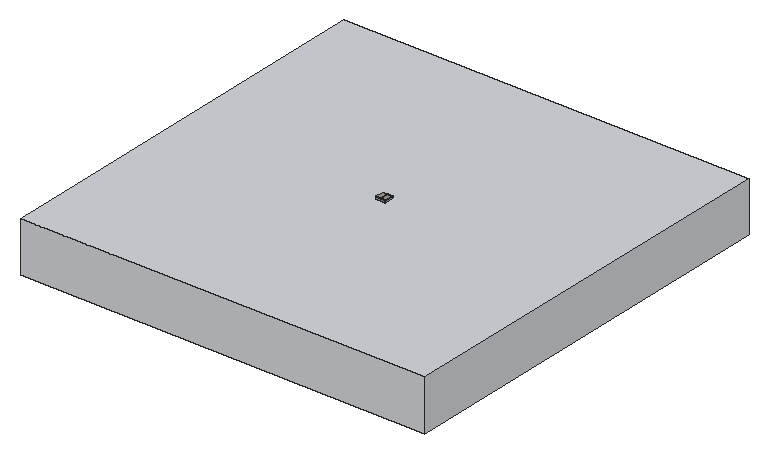
Revit family "2CKA001713A0202", category Elektroinstallationen, Revit 2017
Family settings
  Basisbauteil = Fläche
  Beschriftungsausrichtung beibehalten = Ja
  Bemaßung runder Anschluss = Durchmesser verwenden
  Teiletyp = Normal
  Beim Laden mit Abzugskörper schneiden = Nein
  Gemeinsam genutzt = Nein
  Raumberechnungspunkt = Nein
Parameters
  White = Whitte
  Werkstoffgüte = "Thermoplast"
  Werkstoff = "Kunststoff"
  Default Elevation = 1219.2 mm
  Verwendung = "Jalousie"
  Typname = "Wippe, alpinweiß, Busch-balance SI, Bedienelemente für Jalousiesteuerung/Zeitschaltuhren"
  TYPE = "2504-914"
  RAL-Nummer (ähnlich) = 9010
  Produktseite = "https://media.live.bim.site/t/eyJhbGciOiJIUzI1NiIsInR5cCI6IkpXVCJ9.eyJjdCI6MiwidHUiOiJodHRwOi8vYnVzY2gtamFlZ2VyLWthdGFsb2cuZGUvMTcxMy0wLTAyMDIsYXJ0aWtlbC5odG1sIiwiY2lkIjoiZmVkOThlOWEtMWJkOC00YzY4LWE3M2ItNzRhOTRlMzE1ODIzIiwicmlkIjoiNjE1MzllZjNhMDZjOTVlZmNkZGIxNzdiNWM1NGJkNDgiLCJwaWQiOiIwOTE5NTg4NzZiZDY0MTI4YTUxZWI3YjhlZWMzMWFiMTdlNTg3NzU3Iiwic2lkIjoiNjM3MzIiLCJ1dCI6MSwibGMiOiJkZSIsImlhdCI6MTU3MjkyODYwMCwiaXNzIjoiaHR0cHM6Ly9hcGkubGl2ZS5iaW0uc2l0ZSIsInN1YiI6ImY1ODZjNGI2LWE1MDgtNDI3YS05ODE4LTEzMTc5NjY1NzZiYyJ9.YNq-N_08Jc-YCGUAVSiToQN1fBavle_brpJYoJVSX3Q"
  Oberfläche = "unbehandelt"
  Ist Zubehör = no
  Ist System = no
  Hersteller = "Busch-Jaeger Elektro GmbH"
  HeinzeBIM = "https://www.heinze.de/bim/wippe-alpinweiss-busch-balance-si-bedienelemente-fuer-jalousiesteuerung-zeitschaltuhren/091958876bd64128a51eb7b8eec31ab17e587757"
  Halogenfrei = yes
  HAN = "2CKA001713A0202"
  Gerätetiefe [mm] = 11
  Gerätehöhe [mm] = 55
  Gerätebreite [mm] = 55
  Geeignet für Schutzart (IP) = "IP20"
  GTIN = "4011395190463"
  Farbe = "weiß"
  Datenblatt = "https://media.live.bim.site/t/eyJhbGciOiJIUzI1NiIsInR5cCI6IkpXVCJ9.eyJjdCI6MSwidGYiOiJwdWJsaWMvYnVzY2gtamFlZ2VyLWVsZWt0cm8tZ21iaC81YWUxZmQ1LzJDS0EwMDE3MTNBMDIwMl9ST0hTXzIwMTlfMTBfMDcucGRmIiwiY2lkIjoiZmVkOThlOWEtMWJkOC00YzY4LWE3M2ItNzRhOTRlMzE1ODIzIiwicmlkIjoiNjE1MzllZjNhMDZjOTVlZmNkZGIxNzdiNWM1NGJkNDgiLCJwaWQiOiIwOTE5NTg4NzZiZDY0MTI4YTUxZWI3YjhlZWMzMWFiMTdlNTg3NzU3Iiwic2lkIjoiNjM3MzIiLCJ1dCI6MSwibGMiOiJkZSIsImlhdCI6MTU3MjkyODYwMCwiaXNzIjoiaHR0cHM6Ly9hcGkubGl2ZS5iaW0uc2l0ZSIsInN1YiI6ImY1ODZjNGI2LWE1MDgtNDI3YS05ODE4LTEzMTc5NjY1NzZiYyJ9.ToyWR81weu_3vWBunvouOM3doTauMDjgVBuZDOpJ7bU/2CKA001713A0202_ROHS_2019_10_07.pdf"
  Beschreibung = "Wippe, alpinweiß, Busch-balance SI, Bedienelemente für Jalousiesteuerung/Zeitschaltuhren, Wippe mit Aufdruck Als Abdeckung für UP-Jalousieschalter/-taster. Für Einsatz 2000/4 und 2020/4 US."
  Befestigungsart = "Klemmbefestigung"
  BIMSITE_PRODUCT_ID = "091958876bd64128a51eb7b8eec31ab17e587757"
  BIM = "https://media.live.bim.site/t/eyJhbGciOiJIUzI1NiIsInR5cCI6IkpXVCJ9.eyJjdCI6MSwidGYiOiJwdWJsaWMvYnVzY2gtamFlZ2VyLWVsZWt0cm8tZ21iaC81YWUxZmQ1LzJDS0EwMDE3MTNBMDIwMi5yZmEiLCJjaWQiOiJmZWQ5OGU5YS0xYmQ4LTRjNjgtYTczYi03NGE5NGUzMTU4MjMiLCJyaWQiOiI2MTUzOWVmM2EwNmM5NWVmY2RkYjE3N2I1YzU0YmQ0OCIsInBpZCI6IjA5MTk1ODg3NmJkNjQxMjhhNTFlYjdiOGVlYzMxYWIxN2U1ODc3NTciLCJzaWQiOiI2MzczMiIsInV0Ijo1LCJsYyI6ImRlIiwiaWF0IjoxNTcyOTI4NjAwLCJpc3MiOiJodHRwczovL2FwaS5saXZlLmJpbS5zaXRlIiwic3ViIjoiZjU4NmM0YjYtYTUwOC00MjdhLTk4MTgtMTMxNzk2NjU3NmJjIn0.8Q0S5og48CJCE_Ve1W-mHPwYJRY9FVVTY3aCnrXKda8/2CKA001713A0202.rfa"
  Ausführung der Oberfläche = "glänzend"
  Ausführung = "zweiteilige Wippe"
  Aufdruck/Kennzeichnung = "Symbol \"Pfeile\""
Reference planes
  plane 1 "Center (Front/Back)": y = 0
  plane 2: z = 0
  plane 3 "Center (Left/Right)": x = 0
Forms (mm)
  Extrusion 1, solid
    sketch origin (0, 0, 0) x (1, 0, 0) y (0, 1, 0)
      loop
        line (-1219.2, 1219.2) -> (-1219.2, -1219.2) -> (1219.2, -1219.2) -> (1219.2, 1219.2) -> (-1219.2, 1219.2)
    from 0 to -304.8
  Extrusion 2, solid, material "Whitte" <- "White", detail levels fine
    sketch origin (0, 0, 11) x (1, 0, 0) y (0, 1, 0)
      loop
        arc (-27.5, -26.5) -> (-27.207, -27.207) -> (-26.5, -27.5) r 1
        line (-26.5, -27.5) -> (26.5, -27.5)
        arc (26.5, -27.5) -> (27.207, -27.207) -> (27.5, -26.5) r 1
        line (27.5, -26.5) -> (27.5, 26.5)
        arc (27.5, 26.5) -> (27.207, 27.207) -> (26.5, 27.5) r 1
        line (26.5, 27.5) -> (-26.5, 27.5)
        arc (-26.5, 27.5) -> (-27.207, 27.207) -> (-27.5, 26.5) r 1
        line (-27.5, 26.5) -> (-27.5, -26.5)
    from 0 to -11
  Revolve 3, solid, material "Whitte" <- "White", detail levels fine
    sketch origin (0, 0, 11) x (1, 0, 0) y (0, 1, 0)
      loop
        line (-0.5, 27.5) -> (-26.5, 27.5)
        arc (-26.5, 27.5) -> (-27.207, 27.207) -> (-27.5, 26.5) r 1
        line (-27.5, 26.5) -> (-27.5, -26.5)
        arc (-27.5, -26.5) -> (-27.207, -27.207) -> (-26.5, -27.5) r 1
        line (-26.5, -27.5) -> (-0.5, -27.5) -> (-0.5, 27.5)
      loop
        arc (26.5, -27.5) -> (27.207, -27.207) -> (27.5, -26.5) r 1
        line (27.5, -26.5) -> (27.5, 26.5)
        arc (27.5, 26.5) -> (27.207, 27.207) -> (26.5, 27.5) r 1
        line (26.5, 27.5) -> (0.5, 27.5) -> (0.5, -27.5) -> (26.5, -27.5)
      axis (27.5, 27.5) -> (-27.5, 27.5)
    angle from 0 to -5
  Extrusion 4, solid, material "Whitte" <- "White", detail levels medium
    sketch origin (0, 0, 11) x (1, 0, 0) y (0, 1, 0)
      loop
        line (27.5, 27.5) -> (-27.5, 27.5) -> (-27.5, -27.5) -> (27.5, -27.5) -> (27.5, 27.5)
    from 0 to -11
  Revolve 5, solid, material "Whitte" <- "White", detail levels medium
    sketch origin (0, 0, 11) x (1, 0, 0) y (0, 1, 0)
      loop
        line (-27.5, 27.5) -> (-27.5, -27.5) -> (27.5, -27.5) -> (27.5, 27.5) -> (-27.5, 27.5)
      axis (27.5, 27.5) -> (-27.5, 27.5)
    angle from 0 to -5
  Extrusion 6, solid, material "Whitte" <- "White", detail levels coarse
    sketch origin (0, 0, 10) x (1, 0, 0) y (0, 1, 0)
      loop
        line (-27.5, 27.5) -> (-27.5, -27.5) -> (27.5, -27.5) -> (27.5, 27.5) -> (-27.5, 27.5)
    from -10 to 5.8
Lines and regions (mm)
  model lines, detail levels fine
    curve 1: line (-14, 3.474, 13.102) -> (-9, -2.435, 13.619)
    curve 2: line (-9, -2.435, 13.619) -> (-19, -2.435, 13.619)
    curve 3: line (-19, -2.435, 13.619) -> (-14, 3.474, 13.102)
    curve 4: line (-10.068, -1.943, 13.576) -> (-14, 2.705, 13.169)
    curve 5: line (-14, 2.705, 13.169) -> (-17.932, -1.943, 13.576)
    curve 6: line (-17.932, -1.943, 13.576) -> (-10.068, -1.943, 13.576)
    curve 7: line (19, 3.268, 13.12) -> (14, -2.641, 13.637)
    curve 8: line (14, -2.641, 13.637) -> (9, 3.268, 13.12)
    curve 9: line (9, 3.268, 13.12) -> (19, 3.268, 13.12)
    curve 10: line (10.068, 2.775, 13.163) -> (14, -1.872, 13.57)
    curve 11: line (14, -1.872, 13.57) -> (17.932, 2.775, 13.163)
    curve 12: line (17.932, 2.775, 13.163) -> (10.068, 2.775, 13.163)
  model lines, detail levels medium
    curve 13: line (-0.5, -27.5, 0) -> (-0.5, 27.5, 0)
    curve 14: line (-0.5, -27.082, 15.775) -> (-0.5, 27.5, 11)
    curve 15: line (0.5, -27.082, 15.775) -> (0.5, 27.5, 11)
Dimensions and locks
  aligned and locked: plane 2 to Extrusion 1
  aligned and locked: level to Extrusion 1
  aligned and locked: plane 3 "Center (Left/Right)" to nested 1
  aligned and locked: plane 1 "Center (Front/Back)" to nested 1
Nested families
  nested 1: "SwitchForSunProtectionUpAndDown_DE-DE_2014" at (0, 0, 0), type "SwitchForSunProtectionUpAndDown_DE-DE_2014"
Definition of nested family "SwitchForSunProtectionUpAndDown_DE-DE_2014"
  Reference planes
    plane 1: y = 0
    plane 2: x = 0
  Lines and regions (mm)
    Filled region 1, type "Filled region 1"
      outline origin (0, 0, 0) x (1, 0, 0) y (0, 1, 0)
        loop
          line (-3.916, 8.333) -> (-3.416, 6.667) -> (-2.916, 8.333) -> (-3.916, 8.333)
    Filled region 2, type "Filled region 1"
      outline origin (0, 0, 0) x (1, 0, 0) y (0, 1, 0)
        loop
          line (3.416, 8.333) -> (2.916, 6.667) -> (3.916, 6.667) -> (3.416, 8.333)
    detail lines
      curve 1: circle (0, 1.25, 0) r 1.25 normal (0, 0, 1)
      curve 2: line (0.625, 2.333, 0) -> (2.742, 6, 0)
      curve 3: line (-0.625, 2.333, 0) -> (-2.742, 6, 0)
      curve 4: line (-2.742, 6, 0) -> (-3.955, 5.3, 0)
      curve 5: line (2.742, 6, 0) -> (3.955, 5.3, 0)
      curve 6: line (-2.916, 8.333, 0) -> (-3.416, 6.667, 0)
      curve 7: line (-3.416, 6.667, 0) -> (-3.916, 8.333, 0)
      curve 8: line (-3.916, 8.333, 0) -> (-2.916, 8.333, 0)
      curve 9: line (3.416, 8.333, 0) -> (2.916, 6.667, 0)
      curve 10: line (2.916, 6.667, 0) -> (3.916, 6.667, 0)
      curve 11: line (3.916, 6.667, 0) -> (3.416, 8.333, 0)
